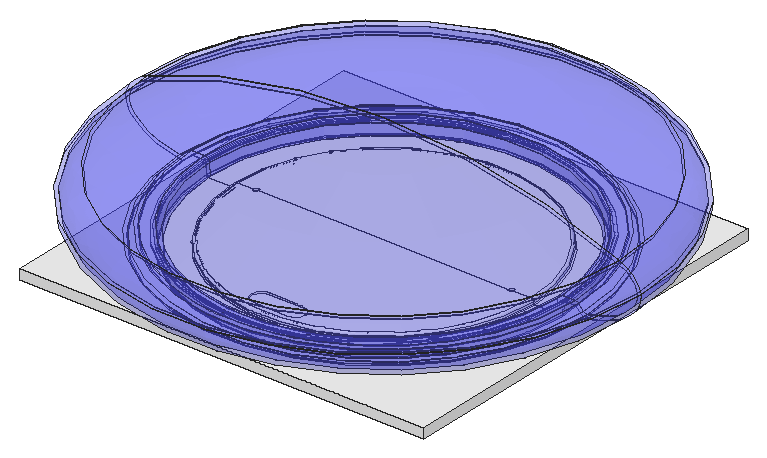
Revit family "BE_12164_de_DE", category Leuchten, Revit 2015
Parameters (values of type "BEGA_12164_K4")
  built-in parameter 1150104 = 12.105 (stored number, unit not read)
  Wattage = 37.8 W
  Default Elevation = 0 mm
  built-in parameter 1150113 = 1 (stored number, unit not read)
  built-in parameter 1114218 = 1 (stored number, unit not read)
  Umgebungstemperatur = ""
  URL = "http://www.bega.de/produkt/12164"
  Typenkommentare = "© 2017 BEGA. Wir behalten uns das Recht vor, technische Änderungen ohne vorherige Ankündigung vorzunehmen."  # constant formula
  built-in parameter 1150134 = 12
  built-in parameter 1150109 = 1 (stored number, unit not read)
  Strom = ""
  built-in parameter 1150110 = 1 (stored number, unit not read)
  Spannung = 239.996 V
  Sonderanfertigung = no
  Seriennummer [instance] = "Hier können Sie die eindeutige Seriennummer für das Facility Management eintragen."
  Schutzklasse = "I"
  Schutzart = "IP 20"
  Scheinlast = 0 VA
  Produktdatenblatt = "http://www.bega.de/download/Xrfa/db/12164.db.de.pdf"
  Oberflächentemperatur = ""
  Neigungswinkel = 0.00°
  Modell = "12164K4"
  Material_17 = BEGA_Reflektor
  Material_15 = BEGA_Leuchtmedium_matt
  Material_11 = BEGA_Glas_opal
  Material_09 = BEGA_Glas_klar
  Material_06 = BEGA_Oberfläche_Edelstahl_gebürstet
  Material_05 = BEGA_Oberfläche_Aluminium Guss
  Material_03 = BEGA_Oberfläche_Weiss_matt
  Material_02 = BEGA_Oberfläche_Silber_matt
  Material_01 [instance] = BEGA_Oberfläche_Grafit_matt
  M_W = no
  M_G = no
  M_A = no
  Logo = 0
  built-in parameter 1114217 = 1 (stored number, unit not read)
  built-in parameter 1150139 = (empty or 0)
  built-in parameter 1150105 = 1415.8 (stored number, unit not read)
  built-in parameter 1150114 = 1 (stored number, unit not read)
  Lumens = 4925.34 lm
  built-in parameter 1150115 = 1 (stored number, unit not read)
  Leuchtenlichtstrom = "3977 lm"
  Leuchtenanzahl = ""
  Lebensdauerkriterien = "L70B50 @ 25 °C = 152000 h"
  Lastklassifizierung = Beleuchtung
  built-in parameter 1150112 = 1 (stored number, unit not read)
  Lampenlichtstrom = "4925 lm"
  Lampe = "LED 37.8 W"
  LED_Modulbezeichnung = "LED-0531/940 "
  Hersteller = "BEGA"  # constant formula
  Halbstreuwinkel = ""
  Gewicht = "6.0 kg"
  Gebrauchslageneinschränkung [instance] = ""
  Frequenz = "0/50-60 Hz"
  Farbwiedergabeindex = "Ra > 90"
  Farbtemperaturverschiebung bei Dämpfen der Lampe = <Keine Auswahl>
  Farbtemperatur = "4000 K"
  Color Filter = 16777215
  built-in parameter 1150133 = 10 (stored number, unit not read)
  Energieeffizienzklasse = "LED A++ - A"
  built-in parameter 1150137 = (empty or 0)
  built-in parameter 1150132 = (empty or 0)
  ENEC = ""
  Dimmbar [instance] = "DALI"
  Datei für fotometrisches Netz = "BE_12164K4.IES"
  CE_Konformität = "ja"
  Bestellnummer = "12164K4"
  Beschreibung_Sonderanfertigung = "Hier können Sie Informationen zur Sonderanfertigung eintragen."
  Beschreibung = "Decken- und Wandleuchte"
  built-in parameter 1150106 = 14.158 (stored number, unit not read)
  Befestigungsbohrung = "Ø 5,5 mm"
  Befestigungsabstand = "253 mm"
  Ballwurfsicher = ""
  BEGA_Intern_aus = yes
  BEGA_Intern_an = yes
  BEGA_Intern_Konstruktion = yes
  BEGA_Intern = yes
  BEGA_IES = yes
  BEGA_Dummy = no
  Anschlussleitung = ""
  Anschlussleistung [instance] = "42.6 W"
  Anschlusskasten = ""
  built-in parameter 1150107 = 4000 (stored number, unit not read)
  built-in parameter 1150102 = (empty or 0)
  built-in parameter 1150138 = (empty or 0)
  Aktualisierung = "2017-09-01T04:09:39"
  Abstand_zur_angestrahlten_Fläche [instance] = ""
  AC/DC = "AC/DC"
Types (2, lengths in mm): name | built-in parameter 1150104 | built-in parameter 1150134 | Modell | built-in parameter 1150105 | Lumens | Leuchtenlichtstrom | Lampenlichtstrom | LED_Modulbezeichnung | Farbtemperatur | Datei für fotometrisches Netz | Bestellnummer | built-in parameter 1150106 | built-in parameter 1150107
  BEGA_12164_K4 | 12.105 (stored number, unit not read) | 12 | "12164K4" | 1415.8 (stored number, unit not read) | 4925.34 lm | "3977 lm" | "4925 lm" | "LED-0531/940 " | "4000 K" | "BE_12164K4.IES" | "12164K4" | 14.158 (stored number, unit not read) | 4000 (stored number, unit not read)
  BEGA_12164_K3 | 11.678 (stored number, unit not read) | (empty or 0) | "12164" | 1365.9 (stored number, unit not read) | 4751.46 lm | "3836 lm" | "4750 lm" | "LED-0531/930 " | "3000 K" | "BE_12164.IES" | "12164" | 13.659 (stored number, unit not read) | 3000 (stored number, unit not read)
Reference planes
  plane 1 "Mitte (Vorne/Hinten)": y = 0
  plane 2: z = 0
  plane 3 "Mitte (Links/Rechts)": x = 0
  plane 4 "Links": x = -255.06
  plane 5 "Rechts": x = 255.06
  plane 6 "Unten": y = -255.05
  plane 7 "Oben": y = 255.05
  plane 8 "Vorne": z = 116.312
  plane 9 "Hinten": z = 0
Forms (mm)
  Extrusion 1, solid, material "BEGA_Platte_Weiss"
    sketch origin (0, -1119.2, 0) x (1, 0, 0) y (0, 1, 0)
      loop
        line (-200, 1319.2) -> (-200, 919.2) -> (200, 919.2) -> (200, 1319.2) -> (-200, 1319.2)
    from 0 to -10
  Extrusion 2, solid, material "BEGA_Dummy_matt", visible <- "BEGA_Dummy"
    sketch origin (77.149, -76.023, 0) x (1, 0, 0) y (0, 1, 0)
      loop
        circle (-77.149, 76.023) r 255
    from 0 to 116.312
Dimensions and locks
  plane 1 "Mitte (Vorne/Hinten)" to Extrusion 1 = 200 mm
  aligned and locked: plane 2 to Extrusion 1
  aligned and locked: level to Extrusion 1
Nested families
  nested 1: "BE_12164" at (0, 0, 0), type "BE_12164"
Connectors
  electrical at (0, 0, 0), driven by "Lastklassifizierung", driven by "Spannung", driven by "Scheinlast"
    settings: index 1, voltage 239.996 V, apparent load 0 VA, apparent load phase1 0 VA, apparent load phase2 0 VA, apparent load phase3 0 VA, power factor 1, load classification "Beleuchtung", number of poles 1, system type 31, power factor state 1, is connector primary yes, connector utility no, sub classification motor no, connector description ""
Definition of nested family "BE_12164"
  Parameters (values of type "BE_12164")
    Default Elevation = 1 mm
    URL = "http://www.bega.de/de/produkt"
    Type Comments = "© 2015 BEGA. Wir behalten uns das Recht vor, technische Änderungen ohne vorherige Ankündigung vorzunehmen. "  # constant formula
    Type Image = (empty or 0)
    Neigungswinkel_um_Z2 = 0.00°
    Neigungswinkel_um_Z1 = 0.00°
    Neigungswinkel_um_Y2 = 0.00°
    Neigungswinkel_um_Y1 = 0.00°
    Neigungswinkel_um_X2 = 0.00°
    Neigungswinkel_um_X1 = 0.00°
    Material_17 = none
    Material_15 = none
    Material_11 = none
    Material_09 = none
    Material_06 = none
    Material_05 = none
    Material_03 = none
    Material_02 = none
    Material_01 = none
    M_W = yes
    M_G = yes
    M_A = yes
    Länge_Platte = 700 mm  # constant formula
    Höhe_Platte = -10 mm  # constant formula
    Manufacturer = "BEGA"  # constant formula
    Drehwinkel_um_Z2 = 0.00°
    Drehwinkel_um_Z1 = 0.00°
    Breite_Platte = 700 mm  # constant formula
  Reference planes
    plane 1 "Mitte (Oben/Unten)": y = 0
    plane 2: z = 0
    plane 3 "Mitte (Links/Rechts)": x = 0
    plane 4: x = -255.06
    plane 5: z = 116.312
    plane 6: x = 255.06
    plane 7: y = -255.05
    plane 8: y = 255.05
  Forms (mm)
    Extrusion 1, solid, detail levels medium
      sketch origin (0, 0, 0) x (1, 0, 0) y (0, 1, 0)
        loop
          line (-350, 350) -> (-350, -350) -> (350, -350) -> (350, 350) -> (-350, 350)
      from 0 to -10 <- "Höhe_Platte"
    Revolve 2, solid, material <- "Material_03", detail levels medium+fine
      sketch origin (0, 0, 0) x (1, 0, 0) y (0, 0, 1)
        loop
          arc (-145.653, 7.75) -> (-147.216, 7.118) -> (-147.901, 5.578) r 2.25
          line (-147.901, 5.578) -> (-147.966, 3.766)
          arc (-147.966, 3.766) -> (-148.253, 3.048) -> (-148.966, 2.75) r 1
          line (-148.966, 2.75) -> (-174.562, 2.75)
          arc (-174.562, 2.75) -> (-175.235, 3.012) -> (-175.556, 3.658) r 1
          line (-175.556, 3.658) -> (-176.5, 14.446)
          arc (-176.5, 14.446) -> (-177.221, 15.909) -> (-178.741, 16.5) r 2.25
          line (-178.741, 16.5) -> (-180.75, 16.5) -> (-180.75, 15.25) -> (-178.739, 15.25)
          arc (-178.739, 15.25) -> (-178.065, 14.987) -> (-177.745, 14.337) r 1
          line (-177.745, 14.337) -> (-176.801, 3.545)
          arc (-176.801, 3.545) -> (-176.079, 2.09) -> (-174.565, 1.5) r 2.25
          line (-174.565, 1.5) -> (-148.966, 1.5)
          arc (-148.966, 1.5) -> (-147.403, 2.131) -> (-146.717, 3.671) r 2.25
          line (-146.717, 3.671) -> (-146.653, 5.536)
          arc (-146.653, 5.536) -> (-146.348, 6.219) -> (-145.654, 6.499) r 0.999
          line (-145.654, 6.499) -> (0, 6.499) -> (0, 7.75) -> (-145.653, 7.75)
        axis (0, 1.5) -> (0, 16.5)
      angle from 0 to 360
    Extrusion 3, void
      sketch origin (0, 0, 0) x (1, 0, 0) y (0, 1, 0)
        loop
          circle (126.5, 0) r 2.75
        loop
          line (17, -120) -> (-17, -120)
          arc (-17, -120) -> (-27, -130) -> (-17, -140) r 10
          line (-17, -140) -> (17, -140)
          arc (17, -140) -> (27, -130) -> (17, -120) r 10
        loop
          circle (-126.5, 0) r 2.75
      from 0 to 10
    Revolve 4, solid, material <- "Material_11", detail levels medium+fine
      sketch origin (0, 0, 0) x (1, 0, 0) y (0, 0, 1)
        loop
          spline (0, 116.312) -> (-20.589, 115.992) -> (-41.131, 115.032) -> (-61.577, 113.435) -> (-81.881, 111.204) -> (-101.995, 108.344) -> (-121.872, 104.863) -> (-141.468, 100.767) -> (-160.735, 96.068) -> (-179.63, 90.774) -> (-198.109, 84.9) -> (-216.129, 78.458) -> (-233.647, 71.463)
          spline (-233.647, 71.463) -> (-236.655, 70.097) -> (-239.479, 68.608) -> (-242.106, 67.004) -> (-244.521, 65.294) -> (-246.711, 63.487) -> (-248.665, 61.592) -> (-250.373, 59.619) -> (-251.826, 57.579) -> (-253.015, 55.483) -> (-253.935, 53.341) -> (-254.58, 51.165) -> (-254.948, 48.967)
          spline (-254.948, 48.967) -> (-254.928, 44.475) -> (-253.941, 40.012) -> (-251.999, 35.634) -> (-249.126, 31.395) -> (-245.358, 27.346) -> (-240.739, 23.537) -> (-235.328, 20.015) -> (-229.191, 16.824) -> (-222.403, 14.002) -> (-215.048, 11.585) -> (-207.215, 9.601) -> (-199.002, 8.076)
          arc (-199.002, 8.076) -> (-198.539, 8.114) -> (-198.142, 8.358) r 1
          line (-198.142, 8.358) -> (-190.293, 16.207)
          arc (-190.293, 16.207) -> (-189.969, 16.423) -> (-189.588, 16.5) r 1
          line (-189.588, 16.5) -> (-176.617, 16.5)
          arc (-176.617, 16.5) -> (-175.942, 16.237) -> (-175.62, 15.587) r 1
          line (-175.62, 15.587) -> (-174.65, 4.5) -> (-170.635, 4.5) -> (-171.634, 15.919)
          arc (-171.634, 15.919) -> (-173.232, 19.181) -> (-176.616, 20.5) r 5
          line (-176.616, 20.5) -> (-189.586, 20.5)
          arc (-189.586, 20.5) -> (-191.499, 20.119) -> (-193.121, 19.035) r 5
          line (-193.121, 19.035) -> (-198.049, 14.108)
          arc (-198.049, 14.108) -> (-199.671, 13.024) -> (-201.585, 12.643) r 5
          spline (-201.585, 12.643) -> (-209.152, 14.219) -> (-216.335, 16.204) -> (-223.038, 18.567) -> (-229.171, 21.275) -> (-234.654, 24.278) -> (-239.412, 27.519) -> (-243.378, 30.94) -> (-246.528, 34.473) -> (-248.848, 38.044) -> (-250.333, 41.591) -> (-251.029, 45.09) -> (-250.97, 48.555)
          spline (-250.97, 48.555) -> (-250.684, 50.263) -> (-250.175, 51.979) -> (-249.434, 53.701) -> (-248.453, 55.426) -> (-247.23, 57.144) -> (-245.761, 58.841) -> (-244.046, 60.503) -> (-242.093, 62.115) -> (-239.909, 63.661) -> (-237.505, 65.128) -> (-234.896, 66.504) -> (-232.095, 67.777)
          spline (-232.095, 67.777) -> (-214.7, 74.722) -> (-196.805, 81.118) -> (-178.452, 86.952) -> (-159.684, 92.208) -> (-140.546, 96.875) -> (-121.08, 100.942) -> (-101.333, 104.399) -> (-81.35, 107.239) -> (-61.178, 109.454) -> (-40.865, 111.041) -> (-20.456, 111.994) -> (0, 112.312)
          line (0, 112.312) -> (0, 116.312)
        axis (0, 116.312) -> (0, 4.5)
      angle from 0 to 360
    Revolve 5, solid, material <- "Material_03", detail levels medium+fine
      sketch origin (-78.441, 58.505, 0) x (0.819152, 0.573577, 0) y (0, 0, 1)
        loop
          arc (-108.84, 2.037) -> (-105.568, 0.52) -> (-102, 0) r 12.498
          line (-102, 0) -> (-102, 2.037) -> (-108.84, 2.037)
        axis (-102, 0) -> (-102, 2.037)
      angle from 0 to 360
    Revolve 6, solid, material <- "Material_03", detail levels medium+fine
      sketch origin (58.505, 78.441, 0) x (0.573577, -0.819152, 0) y (0, 0, 1)
        loop
          arc (-108.84, 2.037) -> (-105.568, 0.52) -> (-102, 0) r 12.498
          line (-102, 0) -> (-102, 2.037) -> (-108.84, 2.037)
        axis (-102, 0) -> (-102, 2.037)
      angle from 0 to 360
    Revolve 7, solid, material <- "Material_03", detail levels medium+fine
      sketch origin (-58.505, -78.441, 0) x (-0.573577, 0.819152, 0) y (0, 0, 1)
        loop
          arc (-108.84, 2.037) -> (-105.568, 0.52) -> (-102, 0) r 12.498
          line (-102, 0) -> (-102, 2.037) -> (-108.84, 2.037)
        axis (-102, 0) -> (-102, 2.037)
      angle from 0 to 360
    Revolve 8, solid, material <- "Material_03", detail levels medium+fine
      sketch origin (78.441, -58.505, 0) x (-0.819152, -0.573577, 0) y (0, 0, 1)
        loop
          arc (-108.84, 2.037) -> (-105.568, 0.52) -> (-102, 0) r 12.498
          line (-102, 0) -> (-102, 2.037) -> (-108.84, 2.037)
        axis (-102, 0) -> (-102, 2.037)
      angle from 0 to 360
  Cuts and joins
    Extrusion 3 cuts Revolve 2
    joined: Revolve 2, Revolve 5, Revolve 6, Revolve 7, Revolve 8
  Dimensions and locks
    equal spacing: Extrusion 1 sketch curve, plane 3 "Mitte (Links/Rechts)", Extrusion 1 sketch curve
    equal spacing: Extrusion 1 sketch curve, plane 1 "Mitte (Oben/Unten)", Extrusion 1 sketch curve
    "Länge_Platte": Extrusion 1 sketch curve to Extrusion 1 sketch curve
    "Breite_Platte": Extrusion 1 sketch curve to Extrusion 1 sketch curve
    aligned and locked: Extrusion 1 to plane 2
    aligned and locked: level to Extrusion 1
  Automatic sketch dimensions
    Revolve 5 sketch curve to Revolve 5 sketch curve = 6.839 mm
    Revolve 5 sketch curve to Revolve 5 sketch curve = 6.84 mm
    Revolve 5 sketch curve to Revolve 5 sketch curve = 0 mm
    Revolve 5 sketch curve to Revolve 5 sketch curve = 0.59 mm
    Revolve 5 sketch curve to Revolve 5 sketch curve = 1.463 mm
    Revolve 5 sketch curve to Revolve 5 sketch curve = 2.037 mm
    Revolve 2 sketch curve to Revolve 2 sketch curve = 0 mm  (x17)
    Revolve 2 sketch curve to plane 3 "Mitte (Links/Rechts)" = 0 mm  (x2)
    level to Revolve 2 sketch curve = 15.25 mm
    Revolve 2 sketch curve to Revolve 2 sketch curve = 2.011 mm
    Revolve 2 sketch curve to Revolve 2 sketch curve = 1 mm  (x2)
    Revolve 2 sketch curve to Revolve 2 sketch curve = 1.251 mm
    Revolve 2 sketch curve to Revolve 2 sketch curve = 0.002 mm  (x4)
    Revolve 2 sketch curve to Revolve 2 sketch curve = 0.996 mm  (x2)
    Revolve 2 sketch curve to Revolve 2 sketch curve = 0.109 mm
    Revolve 2 sketch curve to Revolve 2 sketch curve = 1.347 mm
    Revolve 2 sketch curve to Revolve 2 sketch curve = 1.25 mm  (x2)
    level to Revolve 2 sketch curve = 3.545 mm
    Revolve 2 sketch curve to Revolve 2 sketch curve = 0.944 mm
    Revolve 2 sketch curve to Revolve 2 sketch curve = 2.241 mm
    Revolve 2 sketch curve to Revolve 2 sketch curve = 0.205 mm
    level to Revolve 2 sketch curve = 14.337 mm
    level to Revolve 2 sketch curve = 14.446 mm
    level to Revolve 2 sketch curve = 3.658 mm
    Revolve 2 sketch curve to Revolve 2 sketch curve = 0.005 mm
    Revolve 2 sketch curve to Revolve 2 sketch curve = 25.597 mm
    level to Revolve 2 sketch curve = 3.75 mm
    level to Revolve 2 sketch curve = 5.578 mm
    Revolve 2 sketch curve to Revolve 2 sketch curve = 0.065 mm
    Revolve 2 sketch curve to Revolve 2 sketch curve = 1.249 mm
    level to Revolve 2 sketch curve = 5.536 mm
    Revolve 2 sketch curve to Revolve 2 sketch curve = 1.248 mm
    Revolve 2 sketch curve to Revolve 2 sketch curve = 0.999 mm
    Revolve 2 sketch curve to Revolve 2 sketch curve = 0.036 mm
    level to Revolve 2 sketch curve = 3.671 mm
    plane 1 "Mitte (Oben/Unten)" to Extrusion 3 sketch curve = 0 mm  (x2)
    Extrusion 3 sketch curve to plane 3 "Mitte (Links/Rechts)" = 17 mm
    plane 3 "Mitte (Links/Rechts)" to Extrusion 3 sketch curve = 17 mm
    Extrusion 3 sketch curve to Extrusion 3 sketch curve = 10 mm
    Revolve 6 sketch curve to Revolve 6 sketch curve = 6.839 mm
    Revolve 6 sketch curve to Revolve 6 sketch curve = 6.84 mm
    Revolve 6 sketch curve to Revolve 6 sketch curve = 0 mm
    Revolve 6 sketch curve to Revolve 6 sketch curve = 0.59 mm
    Revolve 6 sketch curve to Revolve 6 sketch curve = 1.463 mm
    Revolve 6 sketch curve to Revolve 6 sketch curve = 2.037 mm
    Revolve 7 sketch curve to Revolve 7 sketch curve = 6.839 mm
    Revolve 7 sketch curve to Revolve 7 sketch curve = 6.84 mm
    Revolve 7 sketch curve to Revolve 7 sketch curve = 0 mm
    Revolve 7 sketch curve to Revolve 7 sketch curve = 0.59 mm
    Revolve 7 sketch curve to Revolve 7 sketch curve = 1.463 mm
    Revolve 7 sketch curve to Revolve 7 sketch curve = 2.037 mm
    Revolve 8 sketch curve to Revolve 8 sketch curve = 6.839 mm
    Revolve 8 sketch curve to Revolve 8 sketch curve = 6.84 mm
    Revolve 8 sketch curve to Revolve 8 sketch curve = 0 mm
    Revolve 8 sketch curve to Revolve 8 sketch curve = 0.59 mm
    Revolve 8 sketch curve to Revolve 8 sketch curve = 1.463 mm
    Revolve 8 sketch curve to Revolve 8 sketch curve = 2.037 mm
    Revolve 5 sketch curve to level = 0 mm
    Revolve 6 sketch curve to level = 0 mm
    level to Revolve 7 sketch curve = 0 mm
    level to Revolve 8 sketch curve = 0 mm
    Revolve 4 sketch curve to Revolve 4 sketch curve = 2.735 mm
    Revolve 4 sketch curve to Revolve 4 sketch curve = 9.264 mm
    Revolve 4 sketch curve to plane 3 "Mitte (Links/Rechts)" = 0 mm  (x2)
    level to Revolve 4 sketch curve = 9.065 mm
    Revolve 4 sketch curve to Revolve 4 sketch curve = 6.435 mm
    Revolve 4 sketch curve to Revolve 4 sketch curve = 8.579 mm
    level to Revolve 4 sketch curve = 48.555 mm
    Revolve 4 sketch curve to Revolve 4 sketch curve = 19.221 mm
    Revolve 4 sketch curve to Revolve 4 sketch curve = 4 mm
    Revolve 4 sketch curve to Revolve 4 sketch curve = 3.979 mm
    Revolve 4 sketch curve to Revolve 4 sketch curve = 0.093 mm
    Revolve 4 sketch curve to Revolve 4 sketch curve = 0.019 mm
    Revolve 4 sketch curve to level = 161.143 mm
    Revolve 4 sketch curve to Revolve 4 sketch curve = 169.244 mm
    Revolve 4 sketch curve to Revolve 4 sketch curve = 3.549 mm
    Revolve 4 sketch curve to Revolve 4 sketch curve = 1.552 mm
    Revolve 4 sketch curve to Revolve 4 sketch curve = 2.736 mm
    Revolve 4 sketch curve to Revolve 4 sketch curve = 0.152 mm
    Revolve 4 sketch curve to Revolve 4 sketch curve = 0.859 mm
    Revolve 4 sketch curve to Revolve 4 sketch curve = 0 mm  (x13)
    Revolve 4 sketch curve to Revolve 4 sketch curve = 3.537 mm
    Revolve 4 sketch curve to Revolve 4 sketch curve = 3.536 mm  (x2)
    Revolve 4 sketch curve to Revolve 4 sketch curve = 0.707 mm  (x3)
    Revolve 4 sketch curve to Revolve 4 sketch curve = 12.969 mm
    Revolve 4 sketch curve to Revolve 4 sketch curve = 25.82 mm
    Revolve 4 sketch curve to plane 3 "Mitte (Links/Rechts)" = 0.001 mm
    Revolve 4 sketch curve to Revolve 4 sketch curve = 0.965 mm
    Revolve 4 sketch curve to Revolve 4 sketch curve = 3.579 mm
    Revolve 4 sketch curve to Revolve 4 sketch curve = 2.828 mm
    Revolve 4 sketch curve to Revolve 4 sketch curve = 1.774 mm
    Revolve 4 sketch curve to Revolve 4 sketch curve = 0.705 mm
    Revolve 4 sketch curve to Revolve 4 sketch curve = 0.293 mm
    Revolve 4 sketch curve to Revolve 4 sketch curve = 0.001 mm  (x3)
    Revolve 4 sketch curve to Revolve 4 sketch curve = 1 mm
    Revolve 4 sketch curve to Revolve 4 sketch curve = 0.996 mm
    Revolve 4 sketch curve to Revolve 4 sketch curve = 3.987 mm
    Revolve 4 sketch curve to Revolve 4 sketch curve = 0.332 mm
    level to Revolve 4 sketch curve = 15.587 mm
    Revolve 4 sketch curve to Revolve 4 sketch curve = 0.97 mm
    level to Revolve 4 sketch curve = 4.5 mm
    Revolve 4 sketch curve to Revolve 4 sketch curve = 4.015 mm
    Revolve 2 sketch curve to plane 3 "Mitte (Links/Rechts)" = 145.653 mm
    Extrusion 3 sketch curve to plane 3 "Mitte (Links/Rechts)" = 126.5 mm
    Revolve 4 sketch curve to plane 3 "Mitte (Links/Rechts)" = 170.635 mm
    Revolve 4 sketch curve to Revolve 4 sketch curve = 30.511 mm
    Revolve 4 sketch curve to Revolve 4 sketch curve = 18.874 mm
    Revolve 4 sketch curve to Revolve 4 sketch curve = 0.396 mm
    plane 3 "Mitte (Links/Rechts)" to Extrusion 3 sketch curve = 126.5 mm
    level to Revolve 4 sketch curve = 112.312 mm
    Revolve 4 sketch curve to Revolve 4 sketch curve = 35.711 mm
    Revolve 4 sketch curve to Revolve 4 sketch curve = 14.572 mm
    plane 1 "Mitte (Oben/Unten)" to Extrusion 3 sketch curve = 120 mm
    radius of Extrusion 3 sketch curve = 2.75 mm  (x2)
